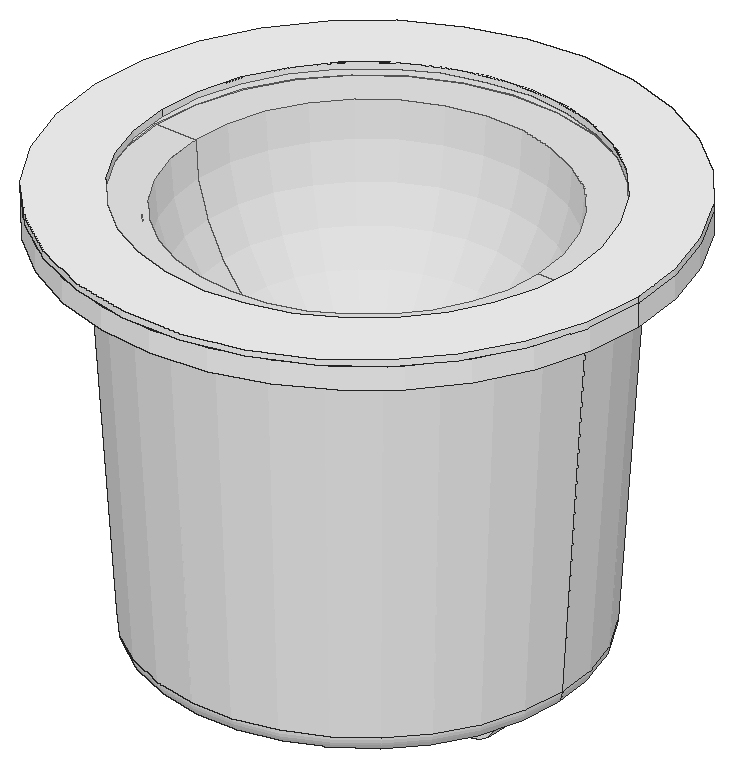
Revit family "2058898 Feilo Sylvania Lighting Fixture MYRD IP FL 3K PHDMEM BLK WBEZ", category Lighting Fixtures, host Face, Revit 2017
Family settings
  Host = Face
  Round Connector Dimension = Use Diameter
  Part Type = Normal
  OmniClass Number = 23.80.70.11.17
  OmniClass Title = Specialized Lighting by Location or Use
  Cut with Voids When Loaded = No
  Light Source = Yes
  Shared = No
  Room Calculation Point = No
Parameters
  Weight = "1.44 kg"
  Wattage = 15 W
  WarrantyStartDate [instance] = "n/a"
  WarrantyGuarantorParts = "n/a"
  WarrantyDurationUnit = "n/a"
  WarrantyDurationParts = "n/a"
  WarrantyDescription = "n/a"
  built-in parameter 1150110 = 1 (stored number, unit not read)
  Voltage = 230 V
  URL = "http://www.sylvania-lighting.com"
  TypeName = "MYRD IP FL 3K PHDMEM BLK WBEZ"
  Type Image = 0
  Type Comments = ""
  built-in parameter 1114217 = 1 (stored number, unit not read)
  Tilt Angle = -90°
  built-in parameter 1150109 = 1 (stored number, unit not read)
  built-in parameter 1150134 = (empty or 0)
  built-in parameter 1150113 = 1 (stored number, unit not read)
  SerialNumber [instance] = "n/a"
  Reflector Radius = Cutout Diameter / 2 - 2.5 mm  # 35.0 mm
  Reflector Material = Aluminum_Sylvania_Myriad_Bright
  Recessed Depth = Height  # 72.0 mm
  PowerFactor = 0
  PowerConsumption = "15 W"
  Photometric Web File = ""
  NominalWidth = 0.0 mm
  NominalLength = 76.0 mm
  NominalHeight = 72.0 mm
  Name = "MYRD IP FL 3K PHDMEM BLK WBEZ"
  ModelReference = "MYRD IP FL 3K PHDMEM BLK WBEZ"
  ModelNumber = "2058898"
  Material = "Aluminium"
  ManufacturerName = "Feilo Sylvania"
  LuminousEfficacy = "50 lm/W"
  LuminaireType = "Ceiling recessed"
  LightOutputRatio = "1"
  LampsType = Lamp  # "LED"
  LampNominalLuminous = "790 lm"
  LampMacAdamStep = "n/a"
  LampColourTemperature = "3000 K"
  LampColourRenderingIndex = "n/a"
  Keynote = "16500"
  Keynote_2 = "16500"
  InstallationDate [instance] = "n/a"
  InputVoltage = "230-240V~"
  InputNominalFrequency = "50/60 Hz"
  IngressProtection = "IP65"
  ImpactProtectionIndex = "IK02"
  IfcExportType = "IfcLightFixtureType"
  IfcExportAs = "IfcLightFixtureType"
  Height = 72.0 mm  # constant formula
  ExpectedLife = 50000
  Emit from Circle Diameter = Accessory Inner Diameter 2  # 68.0 mm
  Emit Shape Visible in Rendering = no
  ElectricShockClassification = "Class II"
  DurationUnit = "hours"
  DocumentationLiterature = "http://www.sylvania-lighting.com/product/en-int/products/2058898"
  DimmingControlOptions = "Dimmable"
  Diffuser Material = Glass_Sylvania_Myriad_Clear_4000K
  Diffuser Diameter = Cutout Diameter  # 75.0 mm
  Cutout Diameter = 75.0 mm  # constant formula
  CreatedOn = "03-11-2017"
  CreatedBy = ""
  Cost = 0
  built-in parameter 1114216 [instance] = 1 (stored number, unit not read)
  built-in parameter 1150142 = (empty or 0)
  Model = "MYRD IP FL 3K PHDMEM BLK WBEZ"
  Manufacturer = "Feilo Sylvania"  # constant formula
  built-in parameter 1150105 = 59.683 (stored number, unit not read)
  Lumens = 750 lm
  built-in parameter 1150115 = 1 (stored number, unit not read)
  built-in parameter 1150137 = (empty or 0)
  built-in parameter 1150139 = (empty or 0)
  built-in parameter 1150112 = 1 (stored number, unit not read)
  built-in parameter 1150114 = 1 (stored number, unit not read)
  Lamp = "LED"
  built-in parameter 1150132 = (empty or 0)
  built-in parameter 1150102 = (empty or 0)
  built-in parameter 1150107 = 3000 (stored number, unit not read)
  built-in parameter 1150138 = (empty or 0)
  built-in parameter 1150106 = 0.59683 (stored number, unit not read)
  built-in parameter 1150104 = 4.6452 (stored number, unit not read)
  Dimming Lamp Color Temperature Shift = (empty or 0)
  Description = "Supplied complete with electronic control gear Compact Fluorescent low energy downlight Emergency version passes through the cut out Ideal for low level orientation lighting New range of Architectural accessories each providing a different lit dimension New completely flush plaster up accessory ring for clean ceiling lines and smooth finish Order lamp separately"  # constant formula
  Default Elevation = 0.0 mm
  Color Filter = 16777215
  built-in parameter 1140040 [instance] = 1
  Body Radius = Reflector Radius + 1.5 mm  # 36.5 mm
  Body Material = Aluminum_Sylvania_Myriad_Gray
  BarCode [instance] = "n/a"
  built-in parameter 1114218 = 1 (stored number, unit not read)
  built-in parameter 1150133 = 10 (stored number, unit not read)
  AssetType = "Fixed"
  AssetIdentifier [instance] = "n/a"
  Assembly Code = "D5020200"
  Apparent Load = 15 VA
  Accessory Material = Aluminum_Sylvania_Myriad_White
  Accessory Inner Diameter 2 = Accessory Diameter - 22.0 mm  # 68.0 mm
  Accessory Inner Diameter 1 = Accessory Diameter - 2.0 mm  # 88.0 mm
  Accessory Diameter = Cutout Diameter + 15.0 mm  # 90.0 mm
Reference planes
  plane 1 "Center (Front/Back)": y = 0
  plane 2: z = 0
  plane 3 "Center (Left/Right)": x = 0
  plane 4: z = 2
  plane 5 "Fixture Bottom": z = 4.5
  plane 6: z = -28.5
  plane 7: z = -61.5
  plane 8 "Fixture Top": z = -67.5
  plane 9: z = 3.5
Forms (mm)
  Revolve 1, solid, material "Aluminum_Sylvania_Myriad_Bright" <- "Reflector Material", detail levels fine
    sketch origin (0, 0, 0) x (1, 0, 0) y (0, 0, 1)
      loop
        line (0, -27.515) -> (-6, -27.515)
        arc (-6, -27.515) -> (-22.333, -16.632) -> (-28.5, 2) r 30.135
        line (-28.5, 2) -> (-35, 2) -> (-35, 0) -> (-29.184, 0)
        arc (-29.184, 0) -> (-22.423, -18.18) -> (-6, -28.5) r 30.204
        line (-6, -28.5) -> (0, -28.5) -> (0, -27.515)
      axis (0, -28.5) -> (0, 2)
    angle from 0 to 360
  Revolve 2, solid, material "Aluminum_Sylvania_Myriad_Gray" <- "Body Material", detail levels fine
    sketch origin (0, 0, 0) x (1, 0, 0) y (0, 0, 1)
      loop
        line (-44, 2) -> (-44, 0) -> (-36.5, 0) -> (-32.42, -58.708)
        arc (-32.42, -58.708) -> (-31.474, -60.694) -> (-29.428, -61.5) r 3
        line (-29.428, -61.5) -> (0, -61.5) -> (0, -28.5) -> (-6, -28.5)
        arc (-6, -28.5) -> (-22.423, -18.18) -> (-29.184, 0) r 30.204
        line (-29.184, 0) -> (-35, 0) -> (-35, 2) -> (-44, 2)
      axis (0, 2) -> (0, -61.5)
    angle from 0 to 360
  Extrusion 3, solid, material "Aluminum_Sylvania_Myriad_Gray" <- "Body Material", detail levels fine
    sketch origin (0, 0, 0) x (1, 0, 0) y (0, 0, 1)
      loop
        line (-13.5, -67.5) -> (21, -67.5)
        arc (21, -67.5) -> (23.828, -66.328) -> (25, -63.5) r 4
        line (25, -63.5) -> (25, -61.5) -> (-17.5, -61.5) -> (-17.5, -63.5)
        arc (-17.5, -63.5) -> (-16.328, -66.328) -> (-13.5, -67.5) r 4
    from -4.5 to 4.5
  Extrusion 4, solid, material "Aluminum_Sylvania_Myriad_White" <- "Accessory Material", detail levels fine
    sketch origin (0, 0, 0) x (1, 0, 0) y (0, 1, 0)
      loop
        circle (0, 0) r 45
      loop
        circle (0, 0) r 44
    from 0 to 3.5
  Extrusion 5, solid, material "Aluminum_Sylvania_Myriad_White" <- "Accessory Material", detail levels fine
    sketch origin (0, 0, 0) x (1, 0, 0) y (0, 1, 0)
      loop
        circle (0, 0) r 45
      loop
        circle (0, 0) r 34
    from 3.5 to 4.5
  Extrusion 6, solid, material "Aluminum_Sylvania_Myriad_White" <- "Accessory Material", detail levels coarse+medium
    sketch origin (0, 0, 0) x (1, 0, 0) y (0, 1, 0)
      loop
        circle (0, 0) r 45
    from 0 to 4.5
  Revolve 7, solid, detail levels coarse+medium
    sketch origin (0, 0, 0) x (1, 0, 0) y (0, 0, 1)
      loop
        line (36.5, 0) -> (0, 0) -> (0, -61.5) -> (32.226, -61.5) -> (36.5, 0)
      axis (0, 0) -> (0, -61.5)
    angle from 0 to 360
  Extrusion 8, void
    sketch origin (0, 0, 0) x (1, 0, 0) y (0, 1, 0)
      loop
        circle (0, 0) r 37.5
    from -67.5 to 0
  Extrusion 9, solid, material "Glass_Sylvania_Myriad_Clear_4000K" <- "Diffuser Material", detail levels fine
    sketch origin (0, 0, 0) x (1, 0, 0) y (0, 1, 0)
      loop
        circle (0, 0) r 37.5
    from 2 to 3.5
Cuts and joins
  joined: Extrusion 4, Extrusion 5
Lines and regions (mm)
  Masking region 1
    outline origin (0, 0, 0) x (1, 0, 0) y (0, 1, 0)
      loop
        circle (0, 0) r 45
  symbolic lines
    curve 1: arc (-34, 0, 0) -> (0, 34, 0) -> (34, 0, 0) r 34
    curve 2: arc (34, 0, 0) -> (0, -34, 0) -> (-34, 0, 0) r 34
Dimensions and locks
  locked: plane 7 to plane 8 "Fixture Top" at 6
  "Body Radius": Revolve 7 sketch curve to plane 3 "Center (Left/Right)"
  locked: Revolve 7 sketch curve to Revolve 7 sketch curve at 4.274
  plane 5 "Fixture Bottom" to plane 9 to plane 4 to plane 2 to plane 6 = 1.0 mm locked, 1.5 mm locked, 2.0 mm locked, 28.5 mm locked
  "Reflector Radius": Revolve 1 sketch curve to plane 3 "Center (Left/Right)"
  Revolve 1 sketch curve to Revolve 1 sketch curve to Revolve 1 sketch curve to Revolve 1 sketch curve = 6.5 mm locked, 22.5 mm locked, 0.0 mm locked
  "Reflector Radius": plane 3 "Center (Left/Right)" to Revolve 2 sketch curve
  Revolve 2 sketch curve to Revolve 2 sketch curve to Revolve 2 sketch curve = 7.5 mm locked, 1.5 mm locked
  Revolve 2 sketch curve to Revolve 2 sketch curve to Revolve 2 sketch curve = 5.816 mm locked, 23.184 mm locked
  Revolve 2 sketch curve to Revolve 2 sketch curve to Revolve 2 sketch curve = 2.58 mm locked, 2.993 mm locked
  "Accessory Diameter": diameter of Extrusion 4 sketch curve
  "Accessory Inner Diameter 1": diameter of Extrusion 4 sketch curve
  "Accessory Diameter": diameter of Extrusion 5 sketch curve
  "Accessory Diameter": diameter of Extrusion 6 sketch curve
  "Cutout Diameter": diameter of Extrusion 8 sketch curve
  "Accessory Inner Diameter 2": diameter of Extrusion 5 sketch curve
  "Diffuser Diameter": diameter of Extrusion 9 sketch curve
  aligned and locked: plane 2 to host face
  aligned and locked: level to host face
  aligned and locked: plane 1 "Center (Front/Back)" to imposter light
  aligned and locked: plane 3 "Center (Left/Right)" to imposter light
  aligned and locked: Revolve 1 sketch curve to imposter light
  aligned and locked: Extrusion 3 sketch curve to plane 8 "Fixture Top"
  aligned and locked: plane 7 to Extrusion 3 sketch curve
  aligned and locked: Extrusion 4 to plane 2
  aligned and locked: plane 9 to Extrusion 4
  aligned and locked: Extrusion 5 to plane 9
  aligned and locked: plane 5 "Fixture Bottom" to Extrusion 5
  aligned and locked: Extrusion 6 to plane 2
  aligned and locked: plane 5 "Fixture Bottom" to Extrusion 6
  aligned and locked: Extrusion 8 to plane 8 "Fixture Top"
  aligned and locked: plane 2 to Extrusion 8
  aligned and locked: Masking region 1 sketch curve to Extrusion 6  (x2)
  aligned and locked: Extrusion 9 to plane 4
  aligned and locked: plane 9 to Extrusion 9
  aligned and locked: plane 4 to Revolve 2 sketch curve
  aligned and locked: Revolve 2 sketch curve to plane 2
  aligned and locked: curve 1 to cut or joined group of Extrusion 4, Extrusion 5
  aligned and locked: curve 2 to cut or joined group of Extrusion 4, Extrusion 5
  aligned and locked: imposter light to plane 5 "Fixture Bottom"
Automatic sketch dimensions
  host sketch curve to host sketch curve = 1305.563 mm
  host sketch curve to host sketch curve = 1283.632 mm
  Extrusion 3 sketch curve to plane 7 = 2.0 mm
  Extrusion 3 sketch curve to plane 3 "Center (Left/Right)" = 13.5 mm
  plane 3 "Center (Left/Right)" to Extrusion 3 sketch curve = 21.0 mm
  Extrusion 3 sketch curve to Extrusion 3 sketch curve = 4.0 mm
  Revolve 1 sketch curve to level = 0.0 mm
  Revolve 1 sketch curve to plane 3 "Center (Left/Right)" = 0.0 mm
  Revolve 1 sketch curve to plane 6 = 0.0 mm
  Revolve 1 sketch curve to plane 4 = 0.0 mm
  Revolve 1 sketch curve to Revolve 1 sketch curve = 0.684 mm
  level to Revolve 1 sketch curve = 0.88 mm
  Revolve 1 sketch curve to plane 4 = 0.363 mm
  Revolve 1 sketch curve to Revolve 1 sketch curve = 0.625 mm
  Revolve 1 sketch curve to plane 8 "Fixture Top" = 232.8 mm
  plane 5 "Fixture Bottom" to Revolve 1 sketch curve = 291.243 mm
  Revolve 2 sketch curve to plane 3 "Center (Left/Right)" = 0.0 mm  (x2)
  Revolve 2 sketch curve to plane 7 = 0.0 mm
  Revolve 2 sketch curve to plane 6 = 0.0 mm
  Revolve 2 sketch curve to level = 0.0 mm
  level to Revolve 2 sketch curve = 0.88 mm
  plane 7 to Revolve 2 sketch curve = 2.792 mm
  Revolve 2 sketch curve to plane 8 "Fixture Top" = 304.774 mm
  plane 5 "Fixture Bottom" to Revolve 2 sketch curve = 1137.105 mm
  Extrusion 4 sketch curve to Extrusion 4 sketch curve = 0.0 mm  (x2)
  plane 1 "Center (Front/Back)" to Extrusion 4 sketch curve = 0.0 mm
  Extrusion 4 sketch curve to plane 3 "Center (Left/Right)" = 0.0 mm
  Extrusion 5 sketch curve to Extrusion 5 sketch curve = 0.0 mm  (x2)
  plane 1 "Center (Front/Back)" to Extrusion 5 sketch curve = 0.0 mm
  Extrusion 5 sketch curve to plane 3 "Center (Left/Right)" = 0.0 mm
  plane 1 "Center (Front/Back)" to Extrusion 6 sketch curve = 0.0 mm
  Extrusion 6 sketch curve to plane 3 "Center (Left/Right)" = 0.0 mm
  Revolve 7 sketch curve to level = 0.0 mm
  Revolve 7 sketch curve to plane 3 "Center (Left/Right)" = 0.0 mm  (x2)
  Revolve 7 sketch curve to plane 7 = 0.0 mm
  Revolve 7 sketch curve to plane 8 "Fixture Top" = 304.774 mm
  plane 5 "Fixture Bottom" to Revolve 7 sketch curve = 43.226 mm
  plane 1 "Center (Front/Back)" to Extrusion 8 sketch curve = 0.0 mm
  Extrusion 8 sketch curve to plane 3 "Center (Left/Right)" = 0.0 mm
  plane 1 "Center (Front/Back)" to Extrusion 9 sketch curve = 0.0 mm
  Extrusion 9 sketch curve to plane 3 "Center (Left/Right)" = 0.0 mm
Connectors
  electrical at (-0.006, -0.019, -67.5), driven by "Apparent Load", driven by "Apparent Load"
    settings: on plane 8 "Fixture Top", index 1, voltage 230 V, apparent load 15 VA, apparent load phase1 15 VA, apparent load phase2 0 VA, apparent load phase3 0 VA, power factor 1, load classification "Lighting", number of poles 1, system type 30, power factor state 1, is connector primary yes, connector utility no, sub classification motor no, connector description ""
